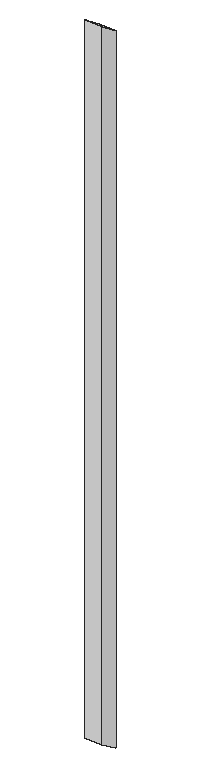
Revit family
Parameters (values of type "20mm")
  built-in parameter 1008623 [instance] = 32.47°
  built-in parameter 1008625 [instance] = (empty or 0)
  Post = no
  built-in parameter 1008624 [instance] = 32.47°
  Width = 20 mm
  Material Baluster = Metal - Steel
  built-in parameter 1008622 [instance] = 750 mm
Types (9, lengths in mm): name | Width | Material Baluster
  (no name) | 20 | Metal - Steel
  25mm | 25 | none
  20mm | 20 | Metal - Steel
  50mm | 50 | none
  75mm | 75 | none
  38mm | 38 | none
  15mm | 15 | none
  10mm | 10 | none
  8mm | 8 | none
Reference planes
  plane 1 "Center (Front/Back)": y = 0
  plane 2: z = 0
  plane 3 "Center (Left/Right)": x = 0
  plane 4 "Top": z = 750
  plane 5 "Top Angle Cut": through (0, 339.699, 533.838) normal (0, -0.5369, -0.8437)
  plane 6: z = 850
  plane 7: x = -20
  plane 8: x = 20
  plane 9: y = 20
  plane 10: y = -20
  plane 11 "Bottom Angle Cut": through (0, 0, 0) normal (0, -0.5369, -0.8437)
  plane 12: z = -100
Forms (mm)
  Extrusion 1, solid, material "Metal - Steel" <- "Material Baluster"
    sketch origin (0, 0, 0) x (1, 0, 0) y (0, 1, 0)
      loop
        line (-10, 10) -> (-10, -10) -> (10, -10) -> (10, 10) -> (-10, 10)
    from -100 to 850
  Extrusion 2, void
    sketch origin (0, 0, 0) x (0, 1, 0) y (0, 0, 1)
      loop
        line (-20, 850) -> (-20, 762.727) -> (20, 737.273) -> (20, 850) -> (-20, 850)
      loop
        line (-20, -100) -> (20, -100) -> (20, -12.727) -> (-20, 12.727) -> (-20, -100)
    from -20 to 20
Cuts and joins
  Extrusion 2 cuts Extrusion 1
Dimensions and locks
  "built-in parameter 1008622": plane 2 to plane 4 "Top"
  locked: plane 4 "Top" to plane 6 at 100
  equal spacing: Extrusion 1 sketch curve, plane 3 "Center (Left/Right)", Extrusion 1 sketch curve
  equal spacing: Extrusion 1 sketch curve, plane 1 "Center (Front/Back)", Extrusion 1 sketch curve
  "Width": Extrusion 1 sketch curve to Extrusion 1 sketch curve  (x2)
  "Width": plane 7 to plane 3 "Center (Left/Right)"
  "Width": plane 3 "Center (Left/Right)" to plane 8
  "Width": plane 10 to plane 1 "Center (Front/Back)"
  "Width": plane 1 "Center (Front/Back)" to plane 9
  locked: level to plane 12 at 100
  "built-in parameter 1008623": angle plane 4 "Top" to plane 5 "Top Angle Cut"
  "built-in parameter 1008624": angle level to plane 11 "Bottom Angle Cut"
  aligned and locked: Extrusion 1 to plane 6
  aligned and locked: Extrusion 2 to plane 7
  aligned and locked: plane 8 to Extrusion 2
  aligned and locked: plane 6 to Extrusion 2 sketch curve
  aligned and locked: plane 9 to Extrusion 2 sketch curve
  aligned and locked: plane 10 to Extrusion 2 sketch curve  (x2)
  aligned and locked: Extrusion 2 sketch curve to plane 5 "Top Angle Cut"
  aligned and locked: plane 12 to Extrusion 1
  aligned and locked: plane 12 to Extrusion 2 sketch curve
  aligned and locked: Extrusion 2 sketch curve to plane 9
  aligned and locked: Extrusion 2 sketch curve to plane 11 "Bottom Angle Cut"
